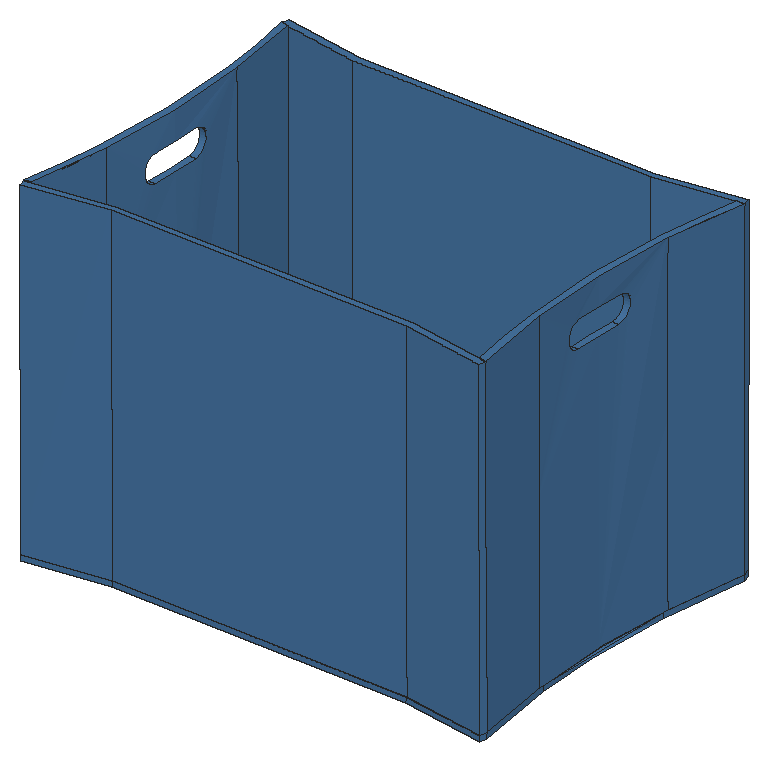
Revit family "Haworth_BuzziBox", category Furniture, Revit 2018 (continued)
Definition of nested family "Haworth_BuzziBox_PART"
  Automatic sketch dimensions
    profile plane to SweptBlend 29 sketch curve = 0.37329"
    profile plane to SweptBlend 29 sketch curve = 0.1039"
    profile plane to SweptBlend 29 sketch curve = 0.09127"
    SweptBlend 29 sketch curve to profile plane = 2.40124"  (x2)
    SweptBlend 30 sketch curve to plane 11 = 0"
    SweptBlend 30 sketch curve to level = 0"
    SweptBlend 30 sketch curve to level = 0.35125"
    SweptBlend 30 sketch curve to plane 6 = 563.50589"
    plane 6 to SweptBlend 30 sketch curve = 6.98163"
    SweptBlend 30 sketch curve to SweptBlend 30 sketch curve = 0"  (x19)
    profile plane to SweptBlend 30 sketch curve = 15.31539"
    SweptBlend 30 sketch curve to SweptBlend 30 sketch curve = 0.16447"  (x2)
    SweptBlend 30 sketch curve to SweptBlend 30 sketch curve = 0.84396"  (x2)
    SweptBlend 30 sketch curve to profile plane = 3.71489"  (x2)
    SweptBlend 30 sketch curve to profile plane = 16.53071"
    SweptBlend 30 sketch curve to profile plane = 10.0826"  (x2)
    SweptBlend 30 sketch curve to SweptBlend 30 sketch curve = 0.03334"  (x2)
    SweptBlend 30 sketch curve to SweptBlend 30 sketch curve = 0.00807"  (x2)
    SweptBlend 30 sketch curve to profile plane = 3.507"
    SweptBlend 30 sketch curve to profile plane = 1.18616"
    SweptBlend 30 sketch curve to profile plane = 1.19382"
    SweptBlend 30 sketch curve to profile plane = 1.59165"
    SweptBlend 30 sketch curve to SweptBlend 30 sketch curve = 0.49067"
    SweptBlend 30 sketch curve to SweptBlend 30 sketch curve = 0.48594"
    profile plane to SweptBlend 30 sketch curve = 15.22975"
    SweptBlend 30 sketch curve to profile plane = 1.25958"
    SweptBlend 30 sketch curve to profile plane = 1.26788"
    SweptBlend 30 sketch curve to profile plane = 1.67729"
    SweptBlend 30 sketch curve to SweptBlend 30 sketch curve = 0.49414"
    SweptBlend 30 sketch curve to SweptBlend 30 sketch curve = 0.48911"
    SweptBlend 30 sketch curve to SweptBlend 30 sketch curve = 0.39796"
    SweptBlend 30 sketch curve to SweptBlend 30 sketch curve = 2.5534"
    SweptBlend 30 sketch curve to SweptBlend 30 sketch curve = 2.54511"
    SweptBlend 30 sketch curve to SweptBlend 30 sketch curve = 2.66599"  (x2)
    SweptBlend 31 sketch curve to plane 11 = 0"
    SweptBlend 31 sketch curve to level = 0"
    SweptBlend 31 sketch curve to level = 0.35125"
    plane 5 to SweptBlend 31 sketch curve = 564.04918"
    plane 6 to SweptBlend 31 sketch curve = 23.48292"
    SweptBlend 31 sketch curve to SweptBlend 31 sketch curve = 0"  (x20)
    profile plane to SweptBlend 31 sketch curve = 3.71489"  (x2)
    SweptBlend 31 sketch curve to profile plane = 14.30695"
    SweptBlend 31 sketch curve to SweptBlend 31 sketch curve = 0.84396"  (x2)
    SweptBlend 31 sketch curve to SweptBlend 31 sketch curve = 0.16447"  (x2)
    SweptBlend 31 sketch curve to profile plane = 16.53071"
    SweptBlend 31 sketch curve to profile plane = 10.0826"  (x2)
    SweptBlend 31 sketch curve to SweptBlend 31 sketch curve = 0.03334"  (x2)
    SweptBlend 31 sketch curve to SweptBlend 31 sketch curve = 0.00807"  (x2)
    SweptBlend 31 sketch curve to profile plane = 3.507"
    profile plane to SweptBlend 31 sketch curve = 1.98961"
    profile plane to SweptBlend 31 sketch curve = 1.67975"
    profile plane to SweptBlend 31 sketch curve = 1.67684"
    SweptBlend 31 sketch curve to SweptBlend 31 sketch curve = 0.39796"  (x2)
    SweptBlend 31 sketch curve to profile plane = 14.22132"
    profile plane to SweptBlend 31 sketch curve = 1.25958"
    profile plane to SweptBlend 31 sketch curve = 1.26788"
    profile plane to SweptBlend 31 sketch curve = 1.67729"
    SweptBlend 31 sketch curve to SweptBlend 31 sketch curve = 0.49414"
    SweptBlend 31 sketch curve to SweptBlend 31 sketch curve = 0.48911"
    SweptBlend 31 sketch curve to SweptBlend 31 sketch curve = 2.5534"
    SweptBlend 31 sketch curve to SweptBlend 31 sketch curve = 2.54511"
    SweptBlend 31 sketch curve to SweptBlend 31 sketch curve = 2.66599"  (x2)
    Extrusion 32 sketch curve to plane 11 = 1.57491"
    Extrusion 32 sketch curve to plane 4 = 1.32722"
    Extrusion 32 sketch curve to Extrusion 32 sketch curve = 0"  (x4)
    Extrusion 32 sketch curve to plane 11 = 1.57488"
    Extrusion 32 sketch curve to Extrusion 32 sketch curve = 3.17694"
    Extrusion 32 sketch curve to Extrusion 32 sketch curve = 0.78742"
    Extrusion 32 sketch curve to Extrusion 32 sketch curve = 0.78741"
    plane 6 to Extrusion 33 sketch curve = 38.70044"
    Extrusion 33 sketch curve to Extrusion 33 sketch curve = 0.16875"  (x2)
    Extrusion 33 sketch curve to Extrusion 33 sketch curve = 0.83948"  (x2)
    Extrusion 33 sketch curve to Extrusion 33 sketch curve = 18.03911"
    Extrusion 33 sketch curve to Extrusion 33 sketch curve = 0"  (x6)
    plane 6 to Extrusion 33 sketch curve = 15.22761"  (x2)
    plane 4 to Extrusion 33 sketch curve = 51.10588"
    Extrusion 33 sketch curve to Extrusion 33 sketch curve = 8.85102"  (x2)
    Extrusion 33 sketch curve to Extrusion 33 sketch curve = 18.02976"
    Extrusion 33 sketch curve to Extrusion 33 sketch curve = 44.35882"
    Extrusion 33 sketch curve to Extrusion 33 sketch curve = 0.00003"  (x2)
    Extrusion 33 sketch curve to Extrusion 33 sketch curve = 6.44911"
    Extrusion 33 sketch curve to Extrusion 33 sketch curve = 6.44914"
    Extrusion 33 sketch curve to Extrusion 33 sketch curve = 0.03139"  (x2)
    Extrusion 33 sketch curve to Extrusion 33 sketch curve = 0.00902"  (x2)
    Extrusion 33 sketch curve to Extrusion 33 sketch curve = 13.0236"
    Extrusion 33 sketch curve to Extrusion 33 sketch curve = 44.35883"
    Extrusion 33 sketch curve to Extrusion 33 sketch curve = 2.04882"
    Extrusion 33 sketch curve to Extrusion 33 sketch curve = 2.04582"
    Extrusion 33 sketch curve to Extrusion 33 sketch curve = 0.31116"
    Extrusion 33 sketch curve to Extrusion 33 sketch curve = 0.00022"  (x2)
    Extrusion 33 sketch curve to Extrusion 33 sketch curve = 1.6736"
    Extrusion 33 sketch curve to Extrusion 33 sketch curve = 1.67157"
    Extrusion 33 sketch curve to Extrusion 33 sketch curve = 0.37521"
    Extrusion 33 sketch curve to Extrusion 33 sketch curve = 1.34988"
    Extrusion 33 sketch curve to Extrusion 33 sketch curve = 1.66086"
    Extrusion 33 sketch curve to Extrusion 33 sketch curve = 1.66285"
    Extrusion 34 sketch curve to plane 3 = 0.13219"  (x2)
    plane 3 to Extrusion 34 sketch curve = 3.83102"  (x2)
    plane 4 to Extrusion 34 sketch curve = 54.39214"  (x2)
    Extrusion 34 sketch curve to plane 3 = 4.0954"  (x2)
    Extrusion 34 sketch curve to plane 6 = 43.03994"
    Extrusion 34 sketch curve to Extrusion 34 sketch curve = 0.40578"
    Extrusion 34 sketch curve to Extrusion 34 sketch curve = 0.18903"
    Extrusion 34 sketch curve to Extrusion 34 sketch curve = 0.05538"
    Extrusion 34 sketch curve to Extrusion 34 sketch curve = 0.0148"
    Extrusion 34 sketch curve to Extrusion 34 sketch curve = 0"  (x5)
    Extrusion 34 sketch curve to Extrusion 34 sketch curve = 39.92687"
    plane 4 to Extrusion 34 sketch curve = 94.31902"
    Extrusion 34 sketch curve to plane 5 = 6.45886"  (x2)
    Extrusion 34 sketch curve to Extrusion 34 sketch curve = 3.01364"
    plane 6 to Extrusion 34 sketch curve = 3.6074"
    plane 6 to Extrusion 34 sketch curve = 3.6073"
    Extrusion 34 sketch curve to Extrusion 34 sketch curve = 3.11014"
    SweptBlend 35 sketch curve to plane 9 = 0"
    SweptBlend 35 sketch curve to plane 7 = 0"
    SweptBlend 35 sketch curve to level = 0.03629"
    plane 5 to SweptBlend 35 sketch curve = 567.64138"
    SweptBlend 35 sketch curve to plane 5 = 2.73341"
    profile plane to SweptBlend 35 sketch curve = 8.23122"  (x2)
    SweptBlend 35 sketch curve to profile plane = 9.86744"
    SweptBlend 35 sketch curve to profile plane = 45.71075"
    SweptBlend 35 sketch curve to SweptBlend 35 sketch curve = 0.05193"
    SweptBlend 35 sketch curve to SweptBlend 35 sketch curve = 0.052"
    SweptBlend 35 sketch curve to SweptBlend 35 sketch curve = 0.35275"
    SweptBlend 35 sketch curve to SweptBlend 35 sketch curve = 0.15455"
    SweptBlend 35 sketch curve to SweptBlend 35 sketch curve = 0.05196"
    SweptBlend 35 sketch curve to SweptBlend 35 sketch curve = 0.03437"
    SweptBlend 35 sketch curve to profile plane = 64.02211"
    SweptBlend 35 sketch curve to SweptBlend 35 sketch curve = 0.05591"
    SweptBlend 35 sketch curve to SweptBlend 35 sketch curve = 0.03431"
    SweptBlend 35 sketch curve to SweptBlend 35 sketch curve = 0.01544"
    SweptBlend 35 sketch curve to SweptBlend 35 sketch curve = 0.0773"
    profile plane to SweptBlend 35 sketch curve = 44.80287"
    profile plane to SweptBlend 35 sketch curve = 1.27829"
    profile plane to SweptBlend 35 sketch curve = 1.27828"
    SweptBlend 35 sketch curve to SweptBlend 35 sketch curve = 0.34546"
    SweptBlend 35 sketch curve to SweptBlend 35 sketch curve = 0"  (x12)
    profile plane to SweptBlend 35 sketch curve = 0.92756"
    profile plane to SweptBlend 35 sketch curve = 0.84795"
    SweptBlend 35 sketch curve to SweptBlend 35 sketch curve = 0.36751"
    SweptBlend 35 sketch curve to profile plane = 9.78985"
    SweptBlend 35 sketch curve to profile plane = 45.4995"
    SweptBlend 35 sketch curve to SweptBlend 35 sketch curve = 0.55923"
    SweptBlend 35 sketch curve to SweptBlend 35 sketch curve = 0.05585"
    SweptBlend 35 sketch curve to SweptBlend 35 sketch curve = 0.1117"
    profile plane to SweptBlend 35 sketch curve = 0.73317"
    profile plane to SweptBlend 35 sketch curve = 0.81183"
    SweptBlend 35 sketch curve to SweptBlend 35 sketch curve = 0.41219"
    SweptBlend 35 sketch curve to SweptBlend 35 sketch curve = 0.33353"
    SweptBlend 35 sketch curve to SweptBlend 35 sketch curve = 0.41498"
    SweptBlend 35 sketch curve to SweptBlend 35 sketch curve = 0.41344"
    SweptBlend 35 sketch curve to SweptBlend 35 sketch curve = 0.39647"
    profile plane to SweptBlend 35 sketch curve = 8.4463"  (x2)
    SweptBlend 35 sketch curve to SweptBlend 35 sketch curve = 1.94075"
    profile plane to SweptBlend 35 sketch curve = 44.59654"
    plane 5 to Extrusion 34 sketch curve = 42.76266"
    Extrusion 34 sketch curve to plane 5 = 3.35136"
    Extrusion 34 sketch curve to Extrusion 34 sketch curve = 7.92172"
    Extrusion 34 sketch curve to Extrusion 34 sketch curve = 7.90567"
    plane 5 to Extrusion 36 sketch curve = 44.50104"
    Extrusion 36 sketch curve to Extrusion 36 sketch curve = 0.59165"
    plane 4 to Extrusion 36 sketch curve = 0.06922"
    Extrusion 36 sketch curve to Extrusion 36 sketch curve = 0.05488"
    Extrusion 36 sketch curve to plane 5 = 2.16849"
    Extrusion 36 sketch curve to plane 5 = 2.74238"  (x2)
    Extrusion 36 sketch curve to Extrusion 36 sketch curve = 4.76803"
    Extrusion 36 sketch curve to Extrusion 36 sketch curve = 0.00095"
    Extrusion 36 sketch curve to Extrusion 36 sketch curve = 0.10961"
    Extrusion 36 sketch curve to plane 5 = 2.1408"
    Extrusion 36 sketch curve to Extrusion 36 sketch curve = 0.10089"
    Extrusion 36 sketch curve to Extrusion 36 sketch curve = 0.39125"
    plane 3 to Extrusion 36 sketch curve = 3.9503"  (x2)
    Extrusion 36 sketch curve to Extrusion 36 sketch curve = 46.05717"
    Extrusion 36 sketch curve to Extrusion 36 sketch curve = 4.09787"
    Extrusion 36 sketch curve to plane 3 = 0.01291"  (x2)
    Extrusion 36 sketch curve to Extrusion 36 sketch curve = 0"  (x4)
    plane 6 to Extrusion 36 sketch curve = 6.39462"
    Extrusion 36 sketch curve to plane 3 = 3.97611"  (x2)
    plane 6 to Extrusion 36 sketch curve = 2.29473"
    Extrusion 36 sketch curve to Extrusion 36 sketch curve = 0.09908"
    Extrusion 36 sketch curve to Extrusion 36 sketch curve = 0.38421"
    Extrusion 36 sketch curve to plane 6 = 43.85273"
    Extrusion 36 sketch curve to Extrusion 36 sketch curve = 8.80919"
    plane 6 to Extrusion 36 sketch curve = 2.79868"
    Extrusion 36 sketch curve to Extrusion 36 sketch curve = 0.59074"
    Extrusion 36 sketch curve to Extrusion 36 sketch curve = 0.05442"
    plane 6 to Extrusion 36 sketch curve = 2.79867"
    Extrusion 36 sketch curve to Extrusion 36 sketch curve = 0.00089"
    Extrusion 36 sketch curve to Extrusion 36 sketch curve = 0.10942"
    plane 6 to Extrusion 36 sketch curve = 2.22333"
    Extrusion 36 sketch curve to Extrusion 36 sketch curve = 0.07141"
    Extrusion 36 sketch curve to Extrusion 36 sketch curve = 0.2769"
    plane 4 to Extrusion 36 sketch curve = 55.12064"
    Extrusion 36 sketch curve to Extrusion 36 sketch curve = 4.09988"
    Extrusion 36 sketch curve to Extrusion 36 sketch curve = 4.17109"
    Extrusion 36 sketch curve to Extrusion 36 sketch curve = 0.07321"
    profile plane to SweptBlend 24 sketch curve = 16.02919"
    SweptBlend 24 sketch curve to SweptBlend 24 sketch curve = 3.54357"
    SweptBlend 24 sketch curve to profile plane = 9.98859"
    SweptBlend 24 sketch curve to SweptBlend 24 sketch curve = 0.00633"
    SweptBlend 24 sketch curve to profile plane = 0.9151"
    SweptBlend 24 sketch curve to profile plane = 0.9442"
    SweptBlend 24 sketch curve to SweptBlend 24 sketch curve = 0.43553"
    SweptBlend 24 sketch curve to SweptBlend 24 sketch curve = 0.43248"
    SweptBlend 24 sketch curve to profile plane = 2.22985"
    SweptBlend 24 sketch curve to profile plane = 3.43805"  (x2)
    SweptBlend 24 sketch curve to SweptBlend 24 sketch curve = 2.66599"  (x2)
    SweptBlend 24 sketch curve to SweptBlend 24 sketch curve = 9.77472"
    SweptBlend 26 sketch curve to profile plane = 18.44397"
    SweptBlend 26 sketch curve to SweptBlend 26 sketch curve = 2.50991"
    SweptBlend 26 sketch curve to profile plane = 9.97187"
    SweptBlend 26 sketch curve to SweptBlend 26 sketch curve = 0.00401"
    profile plane to SweptBlend 26 sketch curve = 0.9151"
    profile plane to SweptBlend 26 sketch curve = 0.9442"
    SweptBlend 26 sketch curve to SweptBlend 26 sketch curve = 0.43553"
    SweptBlend 26 sketch curve to SweptBlend 26 sketch curve = 0.43248"
    SweptBlend 26 sketch curve to profile plane = 2.22985"
    profile plane to SweptBlend 26 sketch curve = 3.43805"  (x2)
    SweptBlend 26 sketch curve to SweptBlend 26 sketch curve = 2.66599"  (x2)
    SweptBlend 26 sketch curve to SweptBlend 26 sketch curve = 9.77472"
    level to SweptBlend 5 sketch curve = 0.04293"
    plane 5 to SweptBlend 5 sketch curve = 569.3391"
    plane 12 to SweptBlend 5 sketch curve = 0.22521"
    plane 7 to SweptBlend 2 sketch curve = 0"
    SweptBlend 2 sketch curve to plane 15 = 0.15505"
    SweptBlend 3 sketch curve to plane 2 "Top" = 0"
    SweptBlend 3 sketch curve to plane 7 = 0"
    level to SweptBlend 3 sketch curve = 0.03629"
    plane 6 to SweptBlend 3 sketch curve = 569.18968"
    SweptBlend 3 sketch curve to plane 13 = 0.15938"
    plane 7 to SweptBlend 1 sketch curve = 0"
    plane 14 to SweptBlend 1 sketch curve = 0.04411"
Types (6): name | XXS Box | XS Box | XL Box | Width | S Box | M Box | L Box | Description | Depth | Actual Width | Actual Height | Actual Depth
  HCBZ-BXAB-6 | no | no | yes | 27 143/256" | no | no | no | "Haworth BuzziBox XL Box" | 19 177/256" | 27 143/256" | 19 177/256" | 19 177/256"
  HCBZ-BXAB-5 | no | no | no | 25 151/256" | no | no | yes | "Haworth BuzziBox L Box" | 17 23/32" | 25 151/256" | 17 23/32" | 17 23/32"
  HCBZ-BXAB-4 | no | no | no | 23 159/256" | no | yes | no | "Haworth BuzziBox M Box" | 15 3/4" | 23 159/256" | 15 3/4" | 15 3/4"
  HCBZ-BXAB-3 | no | no | no | 13 25/32" | yes | no | no | "Haworth BuzziBox S Box" | 13 25/32" | 13 25/32" | 13 25/32" | 13 25/32"
  HCBZ-BXAB-2 | no | yes | no | 13 25/32" | no | no | no | "Haworth BuzziBox XS Box" | 9 215/256" | 13 25/32" | 10 161/256" | 9 215/256"
  HCBZ-BXAB-1 | yes | no | no | 13 25/32" | no | no | no | "Haworth BuzziBox XXS Box" | 7 23/256" | 13 25/32" | 10 161/256" | 7 23/256"
